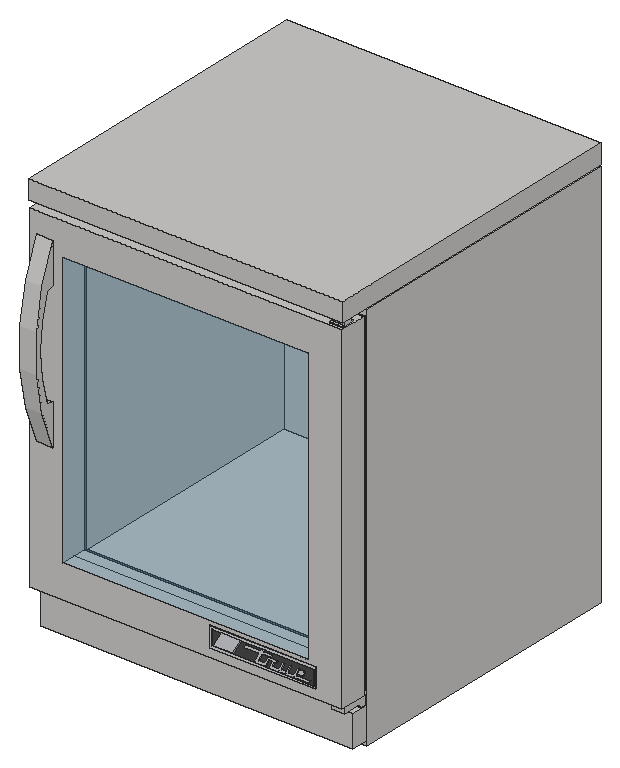
Revit family "QF_TRUE_TUC-24G-HC~FGD01_cat", category Specialty Equipment, Revit 2015
Parameters
  Weight in Pounds = 165
  Watts = Volts * FL Amps  # 230 W
  Volts = 115 V
  URL Cutsheet = "www.truemfg.com"
  URL = "www.truemfg.com"
  Type Mark [instance] = ""
  Status [instance] = ""
  Specification by User [instance] = ""
  Specification by Manufacturer = ""
  Show Logo [instance] = yes
  Show Clearance [instance] = yes
  Serial Number = ""
  Seismic Rating = ""
  SMACNA No = ""
  Revision Code [instance] = ""
  Phase = 1
  Omniclass Number and Title = ""
  Number of Poles [instance] = 1
  NAFEM Spec ID Number = ""
  Model = "TUC-24G-HC~FGD01"
  Min Ckt Ampacity = 0 A
  Max Overcurrent Protection = 0 A
  Masterspec = ""
  Manufacturer = "TRUE"
  Length = 24"
  Item Number [instance] = ""
  Installed By [instance] = ""
  Identify Quantity as Lot [instance] = yes
  Height = 31 13/16"
  HP = "1/6"
  Furnished By [instance] = ""
  Foodservice Equipment Identifier [instance] = yes
  FL Amps = 2 A
  Electrical Remarks = ""
  Electric Connection Type [instance] = ""
  Elec Conn RI Height [instance] = 0"
  Elec Conn Connection Height [instance] = 0"
  Description = "GLASS DOOR REFRIGERATOR WITH HYDROCARBON REFRIGERANT~FRAMED GLASS DOOR VERSION 01"
  Depth = 25 11/16"
  Cycle = 60 Hz
  Conn Plug = "NEMA 5-15P"
  Conn Conduit = yes
  CSI MasterFormat = ""
  CSI Master Format = ""
  Base Height = 25 11/16"
  Apparent Power = if(Phase = 3, Volts * FL Amps * 1.73, Volts * FL Amps)  # 230 VA
Reference planes (in)
  plane 1 "BACK": y = 0
  plane 2: z = 0
  plane 3 "LEFT": x = 0
  plane 4 "RIGHT": x = 24
  plane 5 "FRONT": y = -27.375
  plane 6 "TOP": z = 32.621
  plane 7 "Center Y": x = 12
  plane 8 "Center X": y = -13.6875
  plane 9: y = -48.40625
  plane 10: y = -1
  plane 11: y = -25.6875
  plane 12: z = 0.28125
  plane 13: z = 31.8125
Forms (in)
  Extrusion 1, solid, material "QF_Metal-Stainless-Polished Brushed"
    sketch origin (0, 0, 0) x (0, 1, 0) y (0, 0, 1)
      loop
        line (-1, 30.3125) -> (-1, 31.8125) -> (-25.6875, 31.8125) -> (-25.6875, 30.3125) -> (-1, 30.3125)
      loop
        line (-23.3125, 30.2185) -> (-23.3125, 0.28125) -> (-1, 0.28125) -> (-1, 30.2185) -> (-23.3125, 30.2185)
    from 0 to 24
  Extrusion 2, void
    sketch origin (0, 0, 0) x (1, 0, 0) y (0, 0, 1)
      loop
        line (22.6375, 29.35975) -> (1.3625, 29.35975) -> (1.3625, 5.14725) -> (22.6375, 5.14725) -> (22.6375, 29.35975)
    from 3 to 23.3125
  Extrusion 3, solid, material "QF_Metal-Stainless-Polished Brushed"
    sketch origin (0, 0, 0) x (0, 1, 0) y (0, 0, 1)
      loop
        line (-11.64993, 0.621) -> (-11.64993, 0.216) -> (-1.2329, 0.216) -> (-1.2329, 0.621) -> (-11.64993, 0.621)
    from 1.1125 to 22.8875
  Extrusion 4, solid, material "QF_Plastic-Black-Smooth"
    sketch origin (0.35937, 0, 0) x (0, 1, 0) y (0, 0, 1)
      loop
        line (-2.38861, 0.621) -> (-4.20219, 0.621)
        arc (-4.20219, 0.621) -> (-3.2954, -0.03266) -> (-2.38861, 0.621) r 0.9558
    from 1.67353 to 2.40616
  Extrusion 5, solid, material "QF_Plastic-Black-Smooth"
    sketch origin (23.64062, 0, -0.07109) x (0, 1, 0) y (0, 0, -1)
      loop
        arc (-2.36417, -0.69209) -> (-3.2954, 0.00001) -> (-4.22663, -0.69209) r 0.97254
        line (-4.22663, -0.69209) -> (-2.36417, -0.69209)
    from 1.67353 to 2.40616
  Revolve 6, solid, material "QF_Metal-Stainless-Polished Brushed"
    sketch origin (2.4375, -0.5625, 0) x (0, 1, 0) y (0, 0, 1)
      loop
        line (-21.68012, 0) -> (-21.68012, 0.591) -> (-22.13748, 0.591) -> (-22.13748, 0.5) -> (-21.91809, 0.5) -> (-21.91809, 0.3153) -> (-22.46202, 0.3153) -> (-22.46202, 0.0921)
        arc (-22.46202, 0.0921) -> (-22.43504, 0.02697) -> (-22.36992, 0) r 0.0921
        line (-22.36992, 0) -> (-21.68012, 0)
      axis (-21.68012, 0) -> (-21.68012, 0.591)
    angle from 0 to 360
  Revolve 7, solid, material "QF_Metal-Stainless-Polished Brushed"
    sketch origin (21.5625, -0.5625, 0) x (0, 1, 0) y (0, 0, -1)
      loop
        line (-21.68012, 0) -> (-22.36992, 0)
        arc (-22.36992, 0) -> (-22.43504, -0.02697) -> (-22.46202, -0.0921) r 0.0921
        line (-22.46202, -0.0921) -> (-22.46202, -0.3153) -> (-21.91809, -0.3153) -> (-21.91809, -0.5) -> (-22.13748, -0.5) -> (-22.13748, -0.591) -> (-21.68012, -0.591) -> (-21.68012, 0)
      axis (-21.68012, 0) -> (-21.68012, -0.591)
    angle from 0 to 360
  Extrusion 8, solid, material "QF_Door-Drawer Clearances", visible <- "Show Clearance", detail levels coarse
    sketch origin (0, 0, 0) x (1, 0, 0) y (0, 1, 0)
      loop
        arc (0.0585, -25.6875) -> (7.472, -41.79893) -> (23.9375, -48.38875) r 23.94162
        line (23.9375, -48.38875) -> (23.9375, -25.6875) -> (0.0585, -25.6875)
    from 3.84725 to 29.85125
  Extrusion 9, solid, material "QF_Metal-Stainless-Polished Brushed"
    sketch origin (0, -1, 0.55813) x (0, 0, 1) y (1, 0, 0)
      loop
        circle (1.77074, 21.01061) r 0.5
    from 0 to 0.0625
  Extrusion 10, solid, material "QF_Metal-Stainless-Polished Brushed"
    sketch origin (0, 0, 0) x (1, 0, 0) y (0, 0, 1)
      loop
        line (23.9375, 29.85125) -> (0.0625, 29.85125) -> (0.0625, 3.84725) -> (23.9375, 3.84725) -> (23.9375, 29.85125)
      loop
        line (21.4375, 27.35125) -> (2.5625, 27.35125) -> (2.5625, 6.34725) -> (21.4375, 6.34725) -> (21.4375, 27.35125)
    from 23.6095 to 25.6875
  Extrusion 11, solid, material "QF_Metal-Stainless-Polished Brushed"
    sketch origin (0, 0, -0.8085) x (0, 1, 0) y (0, 0, 1)
      loop
        arc (-25.21875, 4.55025) -> (-25.26294, 4.53194) -> (-25.28125, 4.48775) r 0.0625
        line (-25.28125, 4.48775) -> (-25.28125, 4.11275) -> (-23.9375, 4.11275)
        arc (-23.9375, 4.11275) -> (-23.80492, 4.05783) -> (-23.75, 3.92525) r 0.1875
        line (-23.75, 3.92525) -> (-23.75, 3.87296) -> (-23.3125, 3.87296) -> (-23.3125, 4.55025) -> (-24.625, 4.55025) -> (-24.625, 4.70575) -> (-25.17667, 4.70575) -> (-25.17667, 4.55025) -> (-25.21875, 4.55025)
      loop
        line (-25.4385, 30.65975) -> (-24.45412, 30.65975) -> (-24.45412, 30.74128) -> (-24.62419, 30.74128) -> (-24.62419, 31.016) -> (-25.25377, 31.016) -> (-25.25377, 30.71912) -> (-25.4385, 30.71912) -> (-25.4385, 30.65975)
    from 22.82527 to 23.8216
  Extrusion 12, solid, material "QF_Metal-Stainless-Polished Brushed"
    sketch origin (0, -24.60753, 3.06446) x (0, 0, -1) y (1, 0, 0)
      loop
        line (-0.56244, 22.59908) -> (-0.56244, 0.05635) -> (2.38736, 0.05635) -> (2.38736, 23.94365) -> (0, 23.94365) -> (0, 22.59908) -> (-0.56244, 22.59908)
    from -1.37303 to 0
  Extrusion 13, solid, material "QF_Metal-Stainless-Polished Brushed"
    sketch origin (-28.96042, -0.10487, 29.09725) x (0, 0, -1) y (0, 1, 0)
      loop
        arc (0.84913, -25.64513) -> (7.94747, -27.27013) -> (15.04581, -25.64513) r 16.31603
        line (15.04581, -25.64513) -> (11.92304, -25.64513) -> (11.76553, -26.23296)
        arc (11.76553, -26.23296) -> (7.94747, -26.84078) -> (4.12941, -26.23296) r 12.29572
        line (4.12941, -26.23296) -> (3.9719, -25.64513) -> (0.84913, -25.64513)
    from 29.5909 to 30.83542
  Revolve 14, solid, material "QF_Plastic-Black-Smooth"
    sketch origin (0, 0, 20.5) x (1, 0, 0) y (0, 1, 0)
      loop
        line (18.60979, -1) -> (19.10979, -1) -> (19.10979, -0.45325)
        arc (19.10979, -0.45325) -> (19.03142, -0.1845) -> (18.82089, 0) r 0.5
        line (18.82089, 0) -> (18.60979, 0) -> (18.60979, -1)
      axis (18.60979, -1) -> (18.60979, 0)
    angle from 0 to 360
  Revolve 15, solid, material "QF_Plastic-Black-Smooth"
    sketch origin (-13.21959, 0, 20.5) x (1, 0, 0) y (0, 1, 0)
      loop
        line (18.60979, -1) -> (19.10979, -1) -> (19.10979, -0.45325)
        arc (19.10979, -0.45325) -> (19.03142, -0.1845) -> (18.82089, 0) r 0.5
        line (18.82089, 0) -> (18.60979, 0) -> (18.60979, -1)
      axis (18.60979, -1) -> (18.60979, 0)
    angle from 0 to 360
  Extrusion 16, solid, material "Glass"
    sketch origin (0, 0, 0) x (1, 0, 0) y (0, 0, 1)
      loop
        line (21.4375, 27.35125) -> (2.5625, 27.35125) -> (2.5625, 6.34725) -> (21.4375, 6.34725) -> (21.4375, 27.35125)
    from 24.63768 to 25.6875
  Extrusion 17, solid, material "QF_Rubber - Black - Smooth"
    sketch origin (0, -23.3125, 31.027) x (0, 0, -1) y (1, 0, 0)
      loop
        line (1.30075, 23.8125) -> (1.30075, 0.1875) -> (27.05475, 0.1875) -> (27.05475, 23.8125) -> (1.30075, 23.8125)
      loop
        line (3.55075, 21.5625) -> (3.55075, 2.4375) -> (24.80475, 2.4375) -> (24.80475, 21.5625) -> (3.55075, 21.5625)
    from 0 to 0.297
Cuts and joins
  Extrusion 2 cuts Extrusion 1
Lines and regions (in)
  Split face 1
    outline origin (0, -24.60753, 3.06446) x (0, 0, -1) y (1, 0, 0)
      loop
        line (-0.36879, 2.37377) -> (-0.36879, 1.87377) -> (0.13121, 1.87377) -> (0.13121, 2.37377) -> (-0.36879, 2.37377)
  Split face 2
    outline origin (0, -24.60753, 2.37696) x (0, 0, -1) y (1, 0, 0)
      loop
        line (-0.36879, 2.37377) -> (-0.36879, 1.87377) -> (0.13121, 1.87377) -> (0.13121, 2.37377) -> (-0.36879, 2.37377)
  Split face 3
    outline origin (0, -24.60753, 1.68946) x (0, 0, -1) y (1, 0, 0)
      loop
        line (-0.36879, 2.37377) -> (-0.36879, 1.87377) -> (0.13121, 1.87377) -> (0.13121, 2.37377) -> (-0.36879, 2.37377)
  Split face 4
    outline origin (0, -24.60753, 1.00196) x (0, 0, -1) y (1, 0, 0)
      loop
        line (-0.36879, 2.37377) -> (-0.36879, 1.87377) -> (0.13121, 1.87377) -> (0.13121, 2.37377) -> (-0.36879, 2.37377)
  Split face 5
    outline origin (1.375, -24.60753, 3.06446) x (0, 0, -1) y (1, 0, 0)
      loop
        line (-0.36879, 2.37377) -> (-0.36879, 1.87377) -> (0.13121, 1.87377) -> (0.13121, 2.37377) -> (-0.36879, 2.37377)
  Split face 6
    outline origin (1.375, -24.60753, 2.37696) x (0, 0, -1) y (1, 0, 0)
      loop
        line (-0.36879, 2.37377) -> (-0.36879, 1.87377) -> (0.13121, 1.87377) -> (0.13121, 2.37377) -> (-0.36879, 2.37377)
  Split face 7
    outline origin (1.375, -24.60753, 1.68946) x (0, 0, -1) y (1, 0, 0)
      loop
        line (-0.36879, 2.37377) -> (-0.36879, 1.87377) -> (0.13121, 1.87377) -> (0.13121, 2.37377) -> (-0.36879, 2.37377)
  Split face 8
    outline origin (1.375, -24.60753, 1.00196) x (0, 0, -1) y (1, 0, 0)
      loop
        line (-0.36879, 2.37377) -> (-0.36879, 1.87377) -> (0.13121, 1.87377) -> (0.13121, 2.37377) -> (-0.36879, 2.37377)
  Split face 9
    outline origin (2.75, -24.60753, 3.06446) x (0, 0, -1) y (1, 0, 0)
      loop
        line (-0.36879, 2.37377) -> (-0.36879, 1.87377) -> (0.13121, 1.87377) -> (0.13121, 2.37377) -> (-0.36879, 2.37377)
  Split face 10
    outline origin (2.75, -24.60753, 2.37696) x (0, 0, -1) y (1, 0, 0)
      loop
        line (-0.36879, 2.37377) -> (-0.36879, 1.87377) -> (0.13121, 1.87377) -> (0.13121, 2.37377) -> (-0.36879, 2.37377)
  Split face 11
    outline origin (2.75, -24.60753, 1.68946) x (0, 0, -1) y (1, 0, 0)
      loop
        line (-0.36879, 2.37377) -> (-0.36879, 1.87377) -> (0.13121, 1.87377) -> (0.13121, 2.37377) -> (-0.36879, 2.37377)
  Split face 12
    outline origin (2.75, -24.60753, 1.00196) x (0, 0, -1) y (1, 0, 0)
      loop
        line (-0.36879, 2.37377) -> (-0.36879, 1.87377) -> (0.13121, 1.87377) -> (0.13121, 2.37377) -> (-0.36879, 2.37377)
  Split face 13
    outline origin (4.125, -24.60753, 3.06446) x (0, 0, -1) y (1, 0, 0)
      loop
        line (-0.36879, 2.37377) -> (-0.36879, 1.87377) -> (0.13121, 1.87377) -> (0.13121, 2.37377) -> (-0.36879, 2.37377)
  Split face 14
    outline origin (4.125, -24.60753, 2.37696) x (0, 0, -1) y (1, 0, 0)
      loop
        line (-0.36879, 2.37377) -> (-0.36879, 1.87377) -> (0.13121, 1.87377) -> (0.13121, 2.37377) -> (-0.36879, 2.37377)
  Split face 15
    outline origin (4.125, -24.60753, 1.68946) x (0, 0, -1) y (1, 0, 0)
      loop
        line (-0.36879, 2.37377) -> (-0.36879, 1.87377) -> (0.13121, 1.87377) -> (0.13121, 2.37377) -> (-0.36879, 2.37377)
  Split face 16
    outline origin (4.125, -24.60753, 1.00196) x (0, 0, -1) y (1, 0, 0)
      loop
        line (-0.36879, 2.37377) -> (-0.36879, 1.87377) -> (0.13121, 1.87377) -> (0.13121, 2.37377) -> (-0.36879, 2.37377)
  Split face 17
    outline origin (5.5, -24.60753, 3.06446) x (0, 0, -1) y (1, 0, 0)
      loop
        line (-0.36879, 2.37377) -> (-0.36879, 1.87377) -> (0.13121, 1.87377) -> (0.13121, 2.37377) -> (-0.36879, 2.37377)
  Split face 18
    outline origin (5.5, -24.60753, 2.37696) x (0, 0, -1) y (1, 0, 0)
      loop
        line (-0.36879, 2.37377) -> (-0.36879, 1.87377) -> (0.13121, 1.87377) -> (0.13121, 2.37377) -> (-0.36879, 2.37377)
  Split face 19
    outline origin (5.5, -24.60753, 1.68946) x (0, 0, -1) y (1, 0, 0)
      loop
        line (-0.36879, 2.37377) -> (-0.36879, 1.87377) -> (0.13121, 1.87377) -> (0.13121, 2.37377) -> (-0.36879, 2.37377)
  Split face 20
    outline origin (5.5, -24.60753, 1.00196) x (0, 0, -1) y (1, 0, 0)
      loop
        line (-0.36879, 2.37377) -> (-0.36879, 1.87377) -> (0.13121, 1.87377) -> (0.13121, 2.37377) -> (-0.36879, 2.37377)
  Split face 21
    outline origin (6.875, -24.60753, 3.06446) x (0, 0, -1) y (1, 0, 0)
      loop
        line (-0.36879, 2.37377) -> (-0.36879, 1.87377) -> (0.13121, 1.87377) -> (0.13121, 2.37377) -> (-0.36879, 2.37377)
  Split face 22
    outline origin (6.875, -24.60753, 2.37696) x (0, 0, -1) y (1, 0, 0)
      loop
        line (-0.36879, 2.37377) -> (-0.36879, 1.87377) -> (0.13121, 1.87377) -> (0.13121, 2.37377) -> (-0.36879, 2.37377)
  Split face 23
    outline origin (6.875, -24.60753, 1.68946) x (0, 0, -1) y (1, 0, 0)
      loop
        line (-0.36879, 2.37377) -> (-0.36879, 1.87377) -> (0.13121, 1.87377) -> (0.13121, 2.37377) -> (-0.36879, 2.37377)
  Split face 24
    outline origin (6.875, -24.60753, 1.00196) x (0, 0, -1) y (1, 0, 0)
      loop
        line (-0.36879, 2.37377) -> (-0.36879, 1.87377) -> (0.13121, 1.87377) -> (0.13121, 2.37377) -> (-0.36879, 2.37377)
  Split face 25
    outline origin (8.25, -24.60753, 3.06446) x (0, 0, -1) y (1, 0, 0)
      loop
        line (-0.36879, 2.37377) -> (-0.36879, 1.87377) -> (0.13121, 1.87377) -> (0.13121, 2.37377) -> (-0.36879, 2.37377)
  Split face 26
    outline origin (8.25, -24.60753, 2.37696) x (0, 0, -1) y (1, 0, 0)
      loop
        line (-0.36879, 2.37377) -> (-0.36879, 1.87377) -> (0.13121, 1.87377) -> (0.13121, 2.37377) -> (-0.36879, 2.37377)
  Split face 27
    outline origin (8.25, -24.60753, 1.68946) x (0, 0, -1) y (1, 0, 0)
      loop
        line (-0.36879, 2.37377) -> (-0.36879, 1.87377) -> (0.13121, 1.87377) -> (0.13121, 2.37377) -> (-0.36879, 2.37377)
  Split face 28
    outline origin (8.25, -24.60753, 1.00196) x (0, 0, -1) y (1, 0, 0)
      loop
        line (-0.36879, 2.37377) -> (-0.36879, 1.87377) -> (0.13121, 1.87377) -> (0.13121, 2.37377) -> (-0.36879, 2.37377)
  Split face 29
    outline origin (11.503, -24.60753, 3.06446) x (0, 0, -1) y (1, 0, 0)
      loop
        line (-0.36879, 2.37377) -> (-0.36879, 1.87377) -> (0.13121, 1.87377) -> (0.13121, 2.37377) -> (-0.36879, 2.37377)
  Split face 30
    outline origin (11.503, -24.60753, 2.37696) x (0, 0, -1) y (1, 0, 0)
      loop
        line (-0.36879, 2.37377) -> (-0.36879, 1.87377) -> (0.13121, 1.87377) -> (0.13121, 2.37377) -> (-0.36879, 2.37377)
  Split face 31
    outline origin (11.503, -24.60753, 1.68946) x (0, 0, -1) y (1, 0, 0)
      loop
        line (-0.36879, 2.37377) -> (-0.36879, 1.87377) -> (0.13121, 1.87377) -> (0.13121, 2.37377) -> (-0.36879, 2.37377)
  Split face 32
    outline origin (11.503, -24.60753, 1.00196) x (0, 0, -1) y (1, 0, 0)
      loop
        line (-0.36879, 2.37377) -> (-0.36879, 1.87377) -> (0.13121, 1.87377) -> (0.13121, 2.37377) -> (-0.36879, 2.37377)
  Split face 33
    outline origin (12.878, -24.60753, 3.06446) x (0, 0, -1) y (1, 0, 0)
      loop
        line (-0.36879, 2.37377) -> (-0.36879, 1.87377) -> (0.13121, 1.87377) -> (0.13121, 2.37377) -> (-0.36879, 2.37377)
  Split face 34
    outline origin (12.878, -24.60753, 2.37696) x (0, 0, -1) y (1, 0, 0)
      loop
        line (-0.36879, 2.37377) -> (-0.36879, 1.87377) -> (0.13121, 1.87377) -> (0.13121, 2.37377) -> (-0.36879, 2.37377)
  Split face 35
    outline origin (12.878, -24.60753, 1.68946) x (0, 0, -1) y (1, 0, 0)
      loop
        line (-0.36879, 2.37377) -> (-0.36879, 1.87377) -> (0.13121, 1.87377) -> (0.13121, 2.37377) -> (-0.36879, 2.37377)
  Split face 36
    outline origin (12.878, -24.60753, 1.00196) x (0, 0, -1) y (1, 0, 0)
      loop
        line (-0.36879, 2.37377) -> (-0.36879, 1.87377) -> (0.13121, 1.87377) -> (0.13121, 2.37377) -> (-0.36879, 2.37377)
  Split face 37
    outline origin (14.253, -24.60753, 3.06446) x (0, 0, -1) y (1, 0, 0)
      loop
        line (-0.36879, 2.37377) -> (-0.36879, 1.87377) -> (0.13121, 1.87377) -> (0.13121, 2.37377) -> (-0.36879, 2.37377)
  Split face 38
    outline origin (14.253, -24.60753, 2.37696) x (0, 0, -1) y (1, 0, 0)
      loop
        line (-0.36879, 2.37377) -> (-0.36879, 1.87377) -> (0.13121, 1.87377) -> (0.13121, 2.37377) -> (-0.36879, 2.37377)
  Split face 39
    outline origin (14.253, -24.60753, 1.68946) x (0, 0, -1) y (1, 0, 0)
      loop
        line (-0.36879, 2.37377) -> (-0.36879, 1.87377) -> (0.13121, 1.87377) -> (0.13121, 2.37377) -> (-0.36879, 2.37377)
  Split face 40
    outline origin (14.253, -24.60753, 1.00196) x (0, 0, -1) y (1, 0, 0)
      loop
        line (-0.36879, 2.37377) -> (-0.36879, 1.87377) -> (0.13121, 1.87377) -> (0.13121, 2.37377) -> (-0.36879, 2.37377)
  Split face 41
    outline origin (15.628, -24.60753, 3.06446) x (0, 0, -1) y (1, 0, 0)
      loop
        line (-0.36879, 2.37377) -> (-0.36879, 1.87377) -> (0.13121, 1.87377) -> (0.13121, 2.37377) -> (-0.36879, 2.37377)
  Split face 42
    outline origin (15.628, -24.60753, 2.37696) x (0, 0, -1) y (1, 0, 0)
      loop
        line (-0.36879, 2.37377) -> (-0.36879, 1.87377) -> (0.13121, 1.87377) -> (0.13121, 2.37377) -> (-0.36879, 2.37377)
  Split face 43
    outline origin (15.628, -24.60753, 1.68946) x (0, 0, -1) y (1, 0, 0)
      loop
        line (-0.36879, 2.37377) -> (-0.36879, 1.87377) -> (0.13121, 1.87377) -> (0.13121, 2.37377) -> (-0.36879, 2.37377)
  Split face 44
    outline origin (15.628, -24.60753, 1.00196) x (0, 0, -1) y (1, 0, 0)
      loop
        line (-0.36879, 2.37377) -> (-0.36879, 1.87377) -> (0.13121, 1.87377) -> (0.13121, 2.37377) -> (-0.36879, 2.37377)
  Split face 45
    outline origin (17.003, -24.60753, 3.06446) x (0, 0, -1) y (1, 0, 0)
      loop
        line (-0.36879, 2.37377) -> (-0.36879, 1.87377) -> (0.13121, 1.87377) -> (0.13121, 2.37377) -> (-0.36879, 2.37377)
  Split face 46
    outline origin (17.003, -24.60753, 2.37696) x (0, 0, -1) y (1, 0, 0)
      loop
        line (-0.36879, 2.37377) -> (-0.36879, 1.87377) -> (0.13121, 1.87377) -> (0.13121, 2.37377) -> (-0.36879, 2.37377)
  Split face 47
    outline origin (17.003, -24.60753, 1.68946) x (0, 0, -1) y (1, 0, 0)
      loop
        line (-0.36879, 2.37377) -> (-0.36879, 1.87377) -> (0.13121, 1.87377) -> (0.13121, 2.37377) -> (-0.36879, 2.37377)
  Split face 48
    outline origin (17.003, -24.60753, 1.00196) x (0, 0, -1) y (1, 0, 0)
      loop
        line (-0.36879, 2.37377) -> (-0.36879, 1.87377) -> (0.13121, 1.87377) -> (0.13121, 2.37377) -> (-0.36879, 2.37377)
  Split face 49
    outline origin (18.378, -24.60753, 3.06446) x (0, 0, -1) y (1, 0, 0)
      loop
        line (-0.36879, 2.37377) -> (-0.36879, 1.87377) -> (0.13121, 1.87377) -> (0.13121, 2.37377) -> (-0.36879, 2.37377)
  Split face 50
    outline origin (18.378, -24.60753, 2.37696) x (0, 0, -1) y (1, 0, 0)
      loop
        line (-0.36879, 2.37377) -> (-0.36879, 1.87377) -> (0.13121, 1.87377) -> (0.13121, 2.37377) -> (-0.36879, 2.37377)
  Split face 51
    outline origin (18.378, -24.60753, 1.68946) x (0, 0, -1) y (1, 0, 0)
      loop
        line (-0.36879, 2.37377) -> (-0.36879, 1.87377) -> (0.13121, 1.87377) -> (0.13121, 2.37377) -> (-0.36879, 2.37377)
  Split face 52
    outline origin (18.378, -24.60753, 1.00196) x (0, 0, -1) y (1, 0, 0)
      loop
        line (-0.36879, 2.37377) -> (-0.36879, 1.87377) -> (0.13121, 1.87377) -> (0.13121, 2.37377) -> (-0.36879, 2.37377)
  Split face 53
    outline origin (19.753, -24.60753, 3.06446) x (0, 0, -1) y (1, 0, 0)
      loop
        line (-0.36879, 2.37377) -> (-0.36879, 1.87377) -> (0.13121, 1.87377) -> (0.13121, 2.37377) -> (-0.36879, 2.37377)
  Split face 54
    outline origin (19.753, -24.60753, 2.37696) x (0, 0, -1) y (1, 0, 0)
      loop
        line (-0.36879, 2.37377) -> (-0.36879, 1.87377) -> (0.13121, 1.87377) -> (0.13121, 2.37377) -> (-0.36879, 2.37377)
  Split face 55
    outline origin (19.753, -24.60753, 1.68946) x (0, 0, -1) y (1, 0, 0)
      loop
        line (-0.36879, 2.37377) -> (-0.36879, 1.87377) -> (0.13121, 1.87377) -> (0.13121, 2.37377) -> (-0.36879, 2.37377)
  Split face 56
    outline origin (19.753, -24.60753, 1.00196) x (0, 0, -1) y (1, 0, 0)
      loop
        line (-0.36879, 2.37377) -> (-0.36879, 1.87377) -> (0.13121, 1.87377) -> (0.13121, 2.37377) -> (-0.36879, 2.37377)
  Split face 57
    outline origin (0.6875, -24.60753, 3.06446) x (0, 0, -1) y (1, 0, 0)
      loop
        line (-0.36879, 2.37377) -> (-0.36879, 1.87377) -> (0.13121, 1.87377) -> (0.13121, 2.37377) -> (-0.36879, 2.37377)
  Split face 58
    outline origin (0.6875, -24.60753, 2.37696) x (0, 0, -1) y (1, 0, 0)
      loop
        line (-0.36879, 2.37377) -> (-0.36879, 1.87377) -> (0.13121, 1.87377) -> (0.13121, 2.37377) -> (-0.36879, 2.37377)
  Split face 59
    outline origin (0.6875, -24.60753, 1.68946) x (0, 0, -1) y (1, 0, 0)
      loop
        line (-0.36879, 2.37377) -> (-0.36879, 1.87377) -> (0.13121, 1.87377) -> (0.13121, 2.37377) -> (-0.36879, 2.37377)
  Split face 60
    outline origin (0.6875, -24.60753, 1.00196) x (0, 0, -1) y (1, 0, 0)
      loop
        line (-0.36879, 2.37377) -> (-0.36879, 1.87377) -> (0.13121, 1.87377) -> (0.13121, 2.37377) -> (-0.36879, 2.37377)
  Split face 61
    outline origin (2.0625, -24.60753, 3.06446) x (0, 0, -1) y (1, 0, 0)
      loop
        line (-0.36879, 2.37377) -> (-0.36879, 1.87377) -> (0.13121, 1.87377) -> (0.13121, 2.37377) -> (-0.36879, 2.37377)
  Split face 62
    outline origin (2.0625, -24.60753, 2.37696) x (0, 0, -1) y (1, 0, 0)
      loop
        line (-0.36879, 2.37377) -> (-0.36879, 1.87377) -> (0.13121, 1.87377) -> (0.13121, 2.37377) -> (-0.36879, 2.37377)
  Split face 63
    outline origin (2.0625, -24.60753, 1.68946) x (0, 0, -1) y (1, 0, 0)
      loop
        line (-0.36879, 2.37377) -> (-0.36879, 1.87377) -> (0.13121, 1.87377) -> (0.13121, 2.37377) -> (-0.36879, 2.37377)
  Split face 64
    outline origin (2.0625, -24.60753, 1.00196) x (0, 0, -1) y (1, 0, 0)
      loop
        line (-0.36879, 2.37377) -> (-0.36879, 1.87377) -> (0.13121, 1.87377) -> (0.13121, 2.37377) -> (-0.36879, 2.37377)
  Split face 65
    outline origin (3.4375, -24.60753, 3.06446) x (0, 0, -1) y (1, 0, 0)
      loop
        line (-0.36879, 2.37377) -> (-0.36879, 1.87377) -> (0.13121, 1.87377) -> (0.13121, 2.37377) -> (-0.36879, 2.37377)
  Split face 66
    outline origin (3.4375, -24.60753, 2.37696) x (0, 0, -1) y (1, 0, 0)
      loop
        line (-0.36879, 2.37377) -> (-0.36879, 1.87377) -> (0.13121, 1.87377) -> (0.13121, 2.37377) -> (-0.36879, 2.37377)
  Split face 67
    outline origin (3.4375, -24.60753, 1.68946) x (0, 0, -1) y (1, 0, 0)
      loop
        line (-0.36879, 2.37377) -> (-0.36879, 1.87377) -> (0.13121, 1.87377) -> (0.13121, 2.37377) -> (-0.36879, 2.37377)
  Split face 68
    outline origin (3.4375, -24.60753, 1.00196) x (0, 0, -1) y (1, 0, 0)
      loop
        line (-0.36879, 2.37377) -> (-0.36879, 1.87377) -> (0.13121, 1.87377) -> (0.13121, 2.37377) -> (-0.36879, 2.37377)
  Split face 69
    outline origin (4.8125, -24.60753, 3.06446) x (0, 0, -1) y (1, 0, 0)
      loop
        line (-0.36879, 2.37377) -> (-0.36879, 1.87377) -> (0.13121, 1.87377) -> (0.13121, 2.37377) -> (-0.36879, 2.37377)
  Split face 70
    outline origin (4.8125, -24.60753, 2.37696) x (0, 0, -1) y (1, 0, 0)
      loop
        line (-0.36879, 2.37377) -> (-0.36879, 1.87377) -> (0.13121, 1.87377) -> (0.13121, 2.37377) -> (-0.36879, 2.37377)
  Split face 71
    outline origin (4.8125, -24.60753, 1.68946) x (0, 0, -1) y (1, 0, 0)
      loop
        line (-0.36879, 2.37377) -> (-0.36879, 1.87377) -> (0.13121, 1.87377) -> (0.13121, 2.37377) -> (-0.36879, 2.37377)
  Split face 72
    outline origin (4.8125, -24.60753, 1.00196) x (0, 0, -1) y (1, 0, 0)
      loop
        line (-0.36879, 2.37377) -> (-0.36879, 1.87377) -> (0.13121, 1.87377) -> (0.13121, 2.37377) -> (-0.36879, 2.37377)
  Split face 73
    outline origin (6.1875, -24.60753, 3.06446) x (0, 0, -1) y (1, 0, 0)
      loop
        line (-0.36879, 2.37377) -> (-0.36879, 1.87377) -> (0.13121, 1.87377) -> (0.13121, 2.37377) -> (-0.36879, 2.37377)
  Split face 74
    outline origin (6.1875, -24.60753, 2.37696) x (0, 0, -1) y (1, 0, 0)
      loop
        line (-0.36879, 2.37377) -> (-0.36879, 1.87377) -> (0.13121, 1.87377) -> (0.13121, 2.37377) -> (-0.36879, 2.37377)
  Split face 75
    outline origin (6.1875, -24.60753, 1.68946) x (0, 0, -1) y (1, 0, 0)
      loop
        line (-0.36879, 2.37377) -> (-0.36879, 1.87377) -> (0.13121, 1.87377) -> (0.13121, 2.37377) -> (-0.36879, 2.37377)
  Split face 76
    outline origin (6.1875, -24.60753, 1.00196) x (0, 0, -1) y (1, 0, 0)
      loop
        line (-0.36879, 2.37377) -> (-0.36879, 1.87377) -> (0.13121, 1.87377) -> (0.13121, 2.37377) -> (-0.36879, 2.37377)
  Split face 77
    outline origin (7.5625, -24.60753, 3.06446) x (0, 0, -1) y (1, 0, 0)
      loop
        line (-0.36879, 2.37377) -> (-0.36879, 1.87377) -> (0.13121, 1.87377) -> (0.13121, 2.37377) -> (-0.36879, 2.37377)
  Split face 78
    outline origin (7.5625, -24.60753, 2.37696) x (0, 0, -1) y (1, 0, 0)
      loop
        line (-0.36879, 2.37377) -> (-0.36879, 1.87377) -> (0.13121, 1.87377) -> (0.13121, 2.37377) -> (-0.36879, 2.37377)
  Split face 79
    outline origin (7.5625, -24.60753, 1.68946) x (0, 0, -1) y (1, 0, 0)
      loop
        line (-0.36879, 2.37377) -> (-0.36879, 1.87377) -> (0.13121, 1.87377) -> (0.13121, 2.37377) -> (-0.36879, 2.37377)
  Split face 80
    outline origin (7.5625, -24.60753, 1.00196) x (0, 0, -1) y (1, 0, 0)
      loop
        line (-0.36879, 2.37377) -> (-0.36879, 1.87377) -> (0.13121, 1.87377) -> (0.13121, 2.37377) -> (-0.36879, 2.37377)
  Split face 81
    outline origin (8.9375, -24.60753, 3.06446) x (0, 0, -1) y (1, 0, 0)
      loop
        line (-0.36879, 2.37377) -> (-0.36879, 1.87377) -> (0.13121, 1.87377) -> (0.13121, 2.37377) -> (-0.36879, 2.37377)
  Split face 82
    outline origin (8.9375, -24.60753, 2.37696) x (0, 0, -1) y (1, 0, 0)
      loop
        line (-0.36879, 2.37377) -> (-0.36879, 1.87377) -> (0.13121, 1.87377) -> (0.13121, 2.37377) -> (-0.36879, 2.37377)
  Split face 83
    outline origin (8.9375, -24.60753, 1.68946) x (0, 0, -1) y (1, 0, 0)
      loop
        line (-0.36879, 2.37377) -> (-0.36879, 1.87377) -> (0.13121, 1.87377) -> (0.13121, 2.37377) -> (-0.36879, 2.37377)
  Split face 84
    outline origin (8.9375, -24.60753, 1.00196) x (0, 0, -1) y (1, 0, 0)
      loop
        line (-0.36879, 2.37377) -> (-0.36879, 1.87377) -> (0.13121, 1.87377) -> (0.13121, 2.37377) -> (-0.36879, 2.37377)
  Split face 85
    outline origin (10.8155, -24.60753, 3.06446) x (0, 0, -1) y (1, 0, 0)
      loop
        line (-0.36879, 2.37377) -> (-0.36879, 1.87377) -> (0.13121, 1.87377) -> (0.13121, 2.37377) -> (-0.36879, 2.37377)
  Split face 86
    outline origin (10.8155, -24.60753, 2.37696) x (0, 0, -1) y (1, 0, 0)
      loop
        line (-0.36879, 2.37377) -> (-0.36879, 1.87377) -> (0.13121, 1.87377) -> (0.13121, 2.37377) -> (-0.36879, 2.37377)
  Split face 87
    outline origin (10.8155, -24.60753, 1.68946) x (0, 0, -1) y (1, 0, 0)
      loop
        line (-0.36879, 2.37377) -> (-0.36879, 1.87377) -> (0.13121, 1.87377) -> (0.13121, 2.37377) -> (-0.36879, 2.37377)
  Split face 88
    outline origin (10.8155, -24.60753, 1.00196) x (0, 0, -1) y (1, 0, 0)
      loop
        line (-0.36879, 2.37377) -> (-0.36879, 1.87377) -> (0.13121, 1.87377) -> (0.13121, 2.37377) -> (-0.36879, 2.37377)
  Split face 89
    outline origin (12.1905, -24.60753, 3.06446) x (0, 0, -1) y (1, 0, 0)
      loop
        line (-0.36879, 2.37377) -> (-0.36879, 1.87377) -> (0.13121, 1.87377) -> (0.13121, 2.37377) -> (-0.36879, 2.37377)
  Split face 90
    outline origin (12.1905, -24.60753, 2.37696) x (0, 0, -1) y (1, 0, 0)
      loop
        line (-0.36879, 2.37377) -> (-0.36879, 1.87377) -> (0.13121, 1.87377) -> (0.13121, 2.37377) -> (-0.36879, 2.37377)
  Split face 91
    outline origin (12.1905, -24.60753, 1.68946) x (0, 0, -1) y (1, 0, 0)
      loop
        line (-0.36879, 2.37377) -> (-0.36879, 1.87377) -> (0.13121, 1.87377) -> (0.13121, 2.37377) -> (-0.36879, 2.37377)
  Split face 92
    outline origin (12.1905, -24.60753, 1.00196) x (0, 0, -1) y (1, 0, 0)
      loop
        line (-0.36879, 2.37377) -> (-0.36879, 1.87377) -> (0.13121, 1.87377) -> (0.13121, 2.37377) -> (-0.36879, 2.37377)
  Split face 93
    outline origin (13.5655, -24.60753, 3.06446) x (0, 0, -1) y (1, 0, 0)
      loop
        line (-0.36879, 2.37377) -> (-0.36879, 1.87377) -> (0.13121, 1.87377) -> (0.13121, 2.37377) -> (-0.36879, 2.37377)
  Split face 94
    outline origin (13.5655, -24.60753, 2.37696) x (0, 0, -1) y (1, 0, 0)
      loop
        line (-0.36879, 2.37377) -> (-0.36879, 1.87377) -> (0.13121, 1.87377) -> (0.13121, 2.37377) -> (-0.36879, 2.37377)
  Split face 95
    outline origin (13.5655, -24.60753, 1.68946) x (0, 0, -1) y (1, 0, 0)
      loop
        line (-0.36879, 2.37377) -> (-0.36879, 1.87377) -> (0.13121, 1.87377) -> (0.13121, 2.37377) -> (-0.36879, 2.37377)
  Split face 96
    outline origin (13.5655, -24.60753, 1.00196) x (0, 0, -1) y (1, 0, 0)
      loop
        line (-0.36879, 2.37377) -> (-0.36879, 1.87377) -> (0.13121, 1.87377) -> (0.13121, 2.37377) -> (-0.36879, 2.37377)
  Split face 97
    outline origin (14.9405, -24.60753, 3.06446) x (0, 0, -1) y (1, 0, 0)
      loop
        line (-0.36879, 2.37377) -> (-0.36879, 1.87377) -> (0.13121, 1.87377) -> (0.13121, 2.37377) -> (-0.36879, 2.37377)
  Split face 98
    outline origin (14.9405, -24.60753, 2.37696) x (0, 0, -1) y (1, 0, 0)
      loop
        line (-0.36879, 2.37377) -> (-0.36879, 1.87377) -> (0.13121, 1.87377) -> (0.13121, 2.37377) -> (-0.36879, 2.37377)
  Split face 99
    outline origin (14.9405, -24.60753, 1.68946) x (0, 0, -1) y (1, 0, 0)
      loop
        line (-0.36879, 2.37377) -> (-0.36879, 1.87377) -> (0.13121, 1.87377) -> (0.13121, 2.37377) -> (-0.36879, 2.37377)
  Split face 100
    outline origin (14.9405, -24.60753, 1.00196) x (0, 0, -1) y (1, 0, 0)
      loop
        line (-0.36879, 2.37377) -> (-0.36879, 1.87377) -> (0.13121, 1.87377) -> (0.13121, 2.37377) -> (-0.36879, 2.37377)
  Split face 101
    outline origin (16.3155, -24.60753, 3.06446) x (0, 0, -1) y (1, 0, 0)
      loop
        line (-0.36879, 2.37377) -> (-0.36879, 1.87377) -> (0.13121, 1.87377) -> (0.13121, 2.37377) -> (-0.36879, 2.37377)
  Split face 102
    outline origin (16.3155, -24.60753, 2.37696) x (0, 0, -1) y (1, 0, 0)
      loop
        line (-0.36879, 2.37377) -> (-0.36879, 1.87377) -> (0.13121, 1.87377) -> (0.13121, 2.37377) -> (-0.36879, 2.37377)
  Split face 103
    outline origin (16.3155, -24.60753, 1.68946) x (0, 0, -1) y (1, 0, 0)
      loop
        line (-0.36879, 2.37377) -> (-0.36879, 1.87377) -> (0.13121, 1.87377) -> (0.13121, 2.37377) -> (-0.36879, 2.37377)
  Split face 104
    outline origin (16.3155, -24.60753, 1.00196) x (0, 0, -1) y (1, 0, 0)
      loop
        line (-0.36879, 2.37377) -> (-0.36879, 1.87377) -> (0.13121, 1.87377) -> (0.13121, 2.37377) -> (-0.36879, 2.37377)
  Split face 105
    outline origin (17.6905, -24.60753, 3.06446) x (0, 0, -1) y (1, 0, 0)
      loop
        line (-0.36879, 2.37377) -> (-0.36879, 1.87377) -> (0.13121, 1.87377) -> (0.13121, 2.37377) -> (-0.36879, 2.37377)
  Split face 106
    outline origin (17.6905, -24.60753, 2.37696) x (0, 0, -1) y (1, 0, 0)
      loop
        line (-0.36879, 2.37377) -> (-0.36879, 1.87377) -> (0.13121, 1.87377) -> (0.13121, 2.37377) -> (-0.36879, 2.37377)
  Split face 107
    outline origin (17.6905, -24.60753, 1.68946) x (0, 0, -1) y (1, 0, 0)
      loop
        line (-0.36879, 2.37377) -> (-0.36879, 1.87377) -> (0.13121, 1.87377) -> (0.13121, 2.37377) -> (-0.36879, 2.37377)
  Split face 108
    outline origin (17.6905, -24.60753, 1.00196) x (0, 0, -1) y (1, 0, 0)
      loop
        line (-0.36879, 2.37377) -> (-0.36879, 1.87377) -> (0.13121, 1.87377) -> (0.13121, 2.37377) -> (-0.36879, 2.37377)
  Split face 109
    outline origin (19.0655, -24.60753, 3.06446) x (0, 0, -1) y (1, 0, 0)
      loop
        line (-0.36879, 2.37377) -> (-0.36879, 1.87377) -> (0.13121, 1.87377) -> (0.13121, 2.37377) -> (-0.36879, 2.37377)
  Split face 110
    outline origin (19.0655, -24.60753, 2.37696) x (0, 0, -1) y (1, 0, 0)
      loop
        line (-0.36879, 2.37377) -> (-0.36879, 1.87377) -> (0.13121, 1.87377) -> (0.13121, 2.37377) -> (-0.36879, 2.37377)
  Split face 111
    outline origin (19.0655, -24.60753, 1.68946) x (0, 0, -1) y (1, 0, 0)
      loop
        line (-0.36879, 2.37377) -> (-0.36879, 1.87377) -> (0.13121, 1.87377) -> (0.13121, 2.37377) -> (-0.36879, 2.37377)
  Split face 112
    outline origin (19.0655, -24.60753, 1.00196) x (0, 0, -1) y (1, 0, 0)
      loop
        line (-0.36879, 2.37377) -> (-0.36879, 1.87377) -> (0.13121, 1.87377) -> (0.13121, 2.37377) -> (-0.36879, 2.37377)
  symbolic lines, style "SpecialityEquipment"
    curve 1: line (0, -1, 0) -> (24, -1, 0)
    curve 2: line (0, -25.6875, 0) -> (0, -1, 0)
    curve 3: line (24, -25.6875, 0) -> (0, -25.6875, 0)
    curve 4: line (24, -1, 0) -> (24, -25.6875, 0)
    curve 5: line (5.8902, -1, 0) -> (5.8902, -0.45315, 0)
    curve 6: arc (5.8902, -0.45315, 0) -> (5.81178, -0.18445, 0) -> (5.60122, 0, 0) r 0.49998
    curve 7: line (5.60122, 0, 0) -> (5.17922, 0, 0)
    curve 8: arc (5.17922, 0, 0) -> (4.96859, -0.18452, 0) -> (4.89018, -0.45335, 0) r 0.50005
    curve 9: line (4.89018, -0.45335, 0) -> (4.89018, -1, 0)
    curve 10: line (5.89021, -0.45325, 0) -> (4.89021, -0.45325, 0)
    curve 11: line (19.10979, -1, 0) -> (19.10979, -0.45325, 0)
    curve 12: arc (19.10979, -0.45325, 0) -> (19.03142, -0.1845, 0) -> (18.82089, 0, 0) r 0.5
    curve 13: line (18.82089, 0, 0) -> (18.39868, 0, 0)
    curve 14: arc (18.39868, 0, 0) -> (18.18815, -0.1845, 0) -> (18.10979, -0.45325, 0) r 0.5
    curve 15: line (18.10979, -0.45325, 0) -> (18.10979, -1, 0)
    curve 16: line (19.10979, -0.45325, 0) -> (18.10979, -0.45325, 0)
    curve 19: line (0.63048, -27.375, 0) -> (0.63048, -25.6875, 0)
    curve 20: line (0.63048, -27.375, 0) -> (1.875, -27.375, 0)
    curve 21: line (1.875, -27.375, 0) -> (1.875, -25.6875, 0)
  symbolic lines, style "QF_Door-Drawer Clearances"
    curve 17: line (4.17575, -37.68452, 0) -> (24.04099, -25.6875, 0)
    curve 18: arc (0.0585, -25.6875, 0) -> (1.30856, -31.9635, 0) -> (4.17575, -37.68452, 0) r 23.95201
Dimensions and locks (in)
  equal spacing: plane 3 "LEFT", plane 7 "Center Y", plane 4 "RIGHT"
  "Length": plane 3 "LEFT" to plane 4 "RIGHT"
  equal spacing: plane 5 "FRONT", plane 8 "Center X", plane 1 "BACK"
  plane 5 "FRONT" to plane 1 "BACK" = 27 3/8"
  plane 3 "LEFT" to plane 4 "RIGHT" = 24"
  "Height": plane 13 to level
  cut or joined group of Extrusion 1, Extrusion 2 to plane 1 "BACK" = 1"
  plane 1 "BACK" to plane 10 to plane 5 "FRONT" = 1", 26 3/8"
  "Depth": plane 1 "BACK" to plane 11
  plane 11 to plane 10 = 24 11/16"
  plane 11 to plane 1 "BACK" = 25 11/16"
  plane 9 to plane 1 "BACK" = 48 13/32"
  plane 13 to plane 12 to plane 2 = 31 17/32", 9/32"
  plane 13 to plane 12 to level = 31 17/32", 9/32"
  aligned and locked: level to plane 2
Automatic sketch dimensions
  Extrusion 1 sketch curve to plane 10 = 0"  (x2)
  Extrusion 1 sketch curve to plane 6 "TOP" = 2.4025"
  plane 3 "LEFT" to Extrusion 2 sketch curve = 1.3625"
  plane 4 "RIGHT" to Extrusion 2 sketch curve = 1.3625"
  level to Extrusion 2 sketch curve = 5.14725"
  Extrusion 2 sketch curve to plane 6 "TOP" = 3.26125"
  level to Extrusion 3 sketch curve = 0.216"
  plane 8 "Center X" to Extrusion 3 sketch curve = 2.03757"
  Extrusion 3 sketch curve to plane 10 = 0.2329"
  Extrusion 3 sketch curve to Extrusion 3 sketch curve = 0.405"
  level to Extrusion 4 sketch curve = 0.621"
  Extrusion 4 sketch curve to plane 10 = 3.20219"
  Extrusion 4 sketch curve to Extrusion 4 sketch curve = 0.90679"
  level to Extrusion 4 sketch curve = 0.92314"
  level to Extrusion 5 sketch curve = 0.621"
  Extrusion 5 sketch curve to plane 10 = 3.22663"
  Extrusion 5 sketch curve to Extrusion 5 sketch curve = 0.93123"
  level to Extrusion 5 sketch curve = 0.90145"
  Revolve 6 sketch curve to level = 0"
  level to Revolve 6 sketch curve = 0.3153"
  Revolve 6 sketch curve to Revolve 6 sketch curve = 0.0921"
  Revolve 6 sketch curve to Revolve 6 sketch curve = 0.32454"
  Revolve 6 sketch curve to Revolve 6 sketch curve = 0.2194"
  Revolve 6 sketch curve to Revolve 6 sketch curve = 0.23797"
  Revolve 6 sketch curve to Revolve 6 sketch curve = 0.1847"
  Revolve 6 sketch curve to Revolve 6 sketch curve = 0.091"
  Revolve 6 sketch curve to Revolve 6 sketch curve = 0"  (x2)
  Revolve 6 sketch curve to Revolve 6 sketch curve = 0.17168"
  Revolve 7 sketch curve to level = 0"
  level to Revolve 7 sketch curve = 0.3153"
  Revolve 7 sketch curve to Revolve 7 sketch curve = 0.0921"
  Revolve 7 sketch curve to Revolve 7 sketch curve = 0.32454"
  Revolve 7 sketch curve to Revolve 7 sketch curve = 0.2194"
  Revolve 7 sketch curve to Revolve 7 sketch curve = 0.23797"
  Revolve 7 sketch curve to Revolve 7 sketch curve = 0.1847"
  Revolve 7 sketch curve to Revolve 7 sketch curve = 0.091"
  Revolve 7 sketch curve to Revolve 7 sketch curve = 0"  (x2)
  Revolve 7 sketch curve to Revolve 7 sketch curve = 0.17168"
  plane 3 "LEFT" to Extrusion 8 sketch curve = 0.0585"
  plane 4 "RIGHT" to Extrusion 8 sketch curve = 1/16"
  plane 4 "RIGHT" to Extrusion 8 sketch curve = 0.03203"
  Extrusion 8 sketch curve to plane 9 = 0.0175"
  Extrusion 1 to Extrusion 9 sketch curve = 2.98939"
  plane 3 "LEFT" to Extrusion 10 sketch curve = 1/16"
  plane 3 "LEFT" to Extrusion 10 sketch curve = 2 9/16"
  plane 4 "RIGHT" to Extrusion 10 sketch curve = 2 9/16"
  plane 4 "RIGHT" to Extrusion 10 sketch curve = 1/16"
  level to Extrusion 10 sketch curve = 3.84725"
  Extrusion 10 sketch curve to Extrusion 10 sketch curve = 2 1/2"
  Extrusion 10 sketch curve to plane 6 "TOP" = 5.26975"
  Extrusion 10 sketch curve to plane 6 "TOP" = 2.76975"
  Extrusion 11 sketch curve to Extrusion 11 sketch curve = 0.18473"
  Extrusion 11 sketch curve to Extrusion 11 sketch curve = 1/16"
  Extrusion 11 sketch curve to Extrusion 11 sketch curve = 0.04208"
  Extrusion 11 sketch curve to Extrusion 11 sketch curve = 0.55167"
  Extrusion 11 sketch curve to Extrusion 11 sketch curve = 0.62959"
  Extrusion 11 sketch curve to Extrusion 11 sketch curve = 0.17006"
  Extrusion 11 sketch curve to Extrusion 11 sketch curve = 11/16"
  Extrusion 11 sketch curve to Extrusion 11 sketch curve = 3/16"
  Extrusion 11 sketch curve to Extrusion 11 sketch curve = 5/8"
  level to Extrusion 11 sketch curve = 3.06446"
  Extrusion 11 sketch curve to Extrusion 11 sketch curve = 0.05229"
  Extrusion 11 sketch curve to Extrusion 11 sketch curve = 3/8"
  Extrusion 11 sketch curve to Extrusion 11 sketch curve = 0.67729"
  Extrusion 11 sketch curve to Extrusion 11 sketch curve = 0.1555"
  Extrusion 11 sketch curve to plane 6 "TOP" = 2.76975"
  Extrusion 11 sketch curve to Extrusion 11 sketch curve = 0.05937"
  Extrusion 11 sketch curve to Extrusion 11 sketch curve = 0.08153"
  Extrusion 11 sketch curve to Extrusion 11 sketch curve = 19/64"
  plane 4 "RIGHT" to Extrusion 12 sketch curve = 1.40092"
  level to Extrusion 12 sketch curve = 3.6269"
  Extrusion 12 sketch curve to Extrusion 12 sketch curve = 0.56244"
  plane 3 "LEFT" to Extrusion 12 sketch curve = 0.05635"
  level to Extrusion 12 sketch curve = 0.6771"
  plane 4 "RIGHT" to Extrusion 12 sketch curve = 0.05635"
  Split face 1 sketch curve to Extrusion 12 = 0.19365"
  Split face 1 sketch curve to Extrusion 12 = 0.13121"
  Split face 1 sketch curve to Extrusion 12 = 1.81742"
  Split face 1 sketch curve to Split face 1 sketch curve = 1/2"
  Split face 2 sketch curve to Extrusion 12 = 0.31871"
  Split face 2 sketch curve to Split face 2 sketch curve = 1/2"  (x2)
  Split face 2 sketch curve to Extrusion 12 = 1.81742"
  Split face 3 sketch curve to Extrusion 12 = 1.00621"
  Split face 3 sketch curve to Split face 3 sketch curve = 1/2"  (x2)
  Split face 3 sketch curve to Extrusion 12 = 1.81742"
  Split face 4 sketch curve to Extrusion 12 = 0.69365"
  Split face 4 sketch curve to Extrusion 12 = 0.19365"
  Split face 4 sketch curve to Extrusion 12 = 1.81742"
  Split face 4 sketch curve to Split face 4 sketch curve = 1/2"
  Split face 5 sketch curve to Extrusion 12 = 0.19365"
  Split face 5 sketch curve to Extrusion 12 = 0.13121"
  Split face 5 sketch curve to Extrusion 12 = 3.19242"
  Split face 5 sketch curve to Split face 5 sketch curve = 1/2"
  Split face 6 sketch curve to Extrusion 12 = 0.31871"
  Split face 6 sketch curve to Split face 6 sketch curve = 1/2"  (x2)
  Split face 6 sketch curve to Extrusion 12 = 3.19242"
  Split face 7 sketch curve to Extrusion 12 = 1.00621"
  Split face 7 sketch curve to Split face 7 sketch curve = 1/2"  (x2)
  Split face 7 sketch curve to Extrusion 12 = 3.19242"
  Split face 8 sketch curve to Extrusion 12 = 0.69365"
  Split face 8 sketch curve to Extrusion 12 = 0.19365"
  Split face 8 sketch curve to Extrusion 12 = 3.19242"
  Split face 8 sketch curve to Split face 8 sketch curve = 1/2"
  Split face 9 sketch curve to Extrusion 12 = 0.19365"
  Split face 9 sketch curve to Extrusion 12 = 0.13121"
  Split face 9 sketch curve to Extrusion 12 = 4.56742"
  Split face 9 sketch curve to Split face 9 sketch curve = 1/2"
  Split face 10 sketch curve to Extrusion 12 = 0.31871"
  Split face 10 sketch curve to Split face 10 sketch curve = 1/2"  (x2)
  Split face 10 sketch curve to Extrusion 12 = 4.56742"
  Split face 11 sketch curve to Extrusion 12 = 1.00621"
  Split face 11 sketch curve to Split face 11 sketch curve = 1/2"  (x2)
  Split face 11 sketch curve to Extrusion 12 = 4.56742"
  Split face 12 sketch curve to Extrusion 12 = 0.69365"
  Split face 12 sketch curve to Extrusion 12 = 0.19365"
  Split face 12 sketch curve to Extrusion 12 = 4.56742"
  Split face 12 sketch curve to Split face 12 sketch curve = 1/2"
  Split face 13 sketch curve to Extrusion 12 = 0.19365"
  Split face 13 sketch curve to Extrusion 12 = 0.13121"
  Split face 13 sketch curve to Extrusion 12 = 5.94242"
  Split face 13 sketch curve to Split face 13 sketch curve = 1/2"
  Split face 14 sketch curve to Extrusion 12 = 0.31871"
  Split face 14 sketch curve to Split face 14 sketch curve = 1/2"  (x2)
  Split face 14 sketch curve to Extrusion 12 = 5.94242"
  Split face 15 sketch curve to Extrusion 12 = 1.00621"
  Split face 15 sketch curve to Split face 15 sketch curve = 1/2"  (x2)
  Split face 15 sketch curve to Extrusion 12 = 5.94242"
  Split face 16 sketch curve to Extrusion 12 = 0.69365"
  Split face 16 sketch curve to Extrusion 12 = 0.19365"
  Split face 16 sketch curve to Extrusion 12 = 5.94242"
  Split face 16 sketch curve to Split face 16 sketch curve = 1/2"
  Split face 17 sketch curve to Extrusion 12 = 0.19365"
  Split face 17 sketch curve to Extrusion 12 = 0.13121"
  Split face 17 sketch curve to Extrusion 12 = 7.31742"
  Split face 17 sketch curve to Split face 17 sketch curve = 1/2"
  Split face 18 sketch curve to Extrusion 12 = 0.31871"
  Split face 18 sketch curve to Split face 18 sketch curve = 1/2"  (x2)
  Split face 18 sketch curve to Extrusion 12 = 7.31742"
  Split face 19 sketch curve to Extrusion 12 = 1.00621"
  Split face 19 sketch curve to Split face 19 sketch curve = 1/2"  (x2)
  Split face 19 sketch curve to Extrusion 12 = 7.31742"
  Split face 20 sketch curve to Extrusion 12 = 0.69365"
  Split face 20 sketch curve to Extrusion 12 = 0.19365"
  Split face 20 sketch curve to Extrusion 12 = 7.31742"
  Split face 20 sketch curve to Split face 20 sketch curve = 1/2"
  Split face 21 sketch curve to Extrusion 12 = 0.19365"
  Split face 21 sketch curve to Extrusion 12 = 0.13121"
  Split face 21 sketch curve to Extrusion 12 = 8.69242"
  Split face 21 sketch curve to Split face 21 sketch curve = 1/2"
  Split face 22 sketch curve to Extrusion 12 = 0.31871"
  Split face 22 sketch curve to Split face 22 sketch curve = 1/2"  (x2)
  Split face 22 sketch curve to Extrusion 12 = 8.69242"
  Split face 23 sketch curve to Extrusion 12 = 1.00621"
  Split face 23 sketch curve to Split face 23 sketch curve = 1/2"  (x2)
  Split face 23 sketch curve to Extrusion 12 = 8.69242"
  Split face 24 sketch curve to Extrusion 12 = 0.69365"
  Split face 24 sketch curve to Extrusion 12 = 0.19365"
  Split face 24 sketch curve to Extrusion 12 = 8.69242"
  Split face 24 sketch curve to Split face 24 sketch curve = 1/2"
  Split face 25 sketch curve to Extrusion 12 = 0.19365"
  Split face 25 sketch curve to Extrusion 12 = 0.13121"
  Split face 25 sketch curve to Extrusion 12 = 10.06742"
  Split face 25 sketch curve to Split face 25 sketch curve = 1/2"
  Split face 26 sketch curve to Extrusion 12 = 0.31871"
  Split face 26 sketch curve to Split face 26 sketch curve = 1/2"  (x2)
  Split face 26 sketch curve to Extrusion 12 = 10.06742"
  Split face 27 sketch curve to Extrusion 12 = 1.00621"
  Split face 27 sketch curve to Split face 27 sketch curve = 1/2"  (x2)
  Split face 27 sketch curve to Extrusion 12 = 10.06742"
  Split face 28 sketch curve to Extrusion 12 = 0.69365"
  Split face 28 sketch curve to Extrusion 12 = 0.19365"
  Split face 28 sketch curve to Extrusion 12 = 10.06742"
  Split face 28 sketch curve to Split face 28 sketch curve = 1/2"
  Split face 29 sketch curve to Extrusion 12 = 0.19365"
  Split face 29 sketch curve to Extrusion 12 = 0.13121"
  Split face 29 sketch curve to Extrusion 12 = 9.22231"
  Split face 29 sketch curve to Split face 29 sketch curve = 1/2"
  Split face 30 sketch curve to Extrusion 12 = 0.31871"
  Split face 30 sketch curve to Split face 30 sketch curve = 1/2"  (x2)
  Split face 30 sketch curve to Extrusion 12 = 9.22231"
  Split face 31 sketch curve to Extrusion 12 = 1.00621"
  Split face 31 sketch curve to Split face 31 sketch curve = 1/2"  (x2)
  Split face 31 sketch curve to Extrusion 12 = 9.22231"
  Split face 32 sketch curve to Extrusion 12 = 0.69365"
  Split face 32 sketch curve to Extrusion 12 = 0.19365"
  Split face 32 sketch curve to Extrusion 12 = 9.22231"
  Split face 32 sketch curve to Split face 32 sketch curve = 1/2"
  Split face 33 sketch curve to Extrusion 12 = 0.19365"
  Split face 33 sketch curve to Extrusion 12 = 0.13121"
  Split face 33 sketch curve to Extrusion 12 = 7.84731"
  Split face 33 sketch curve to Split face 33 sketch curve = 1/2"
  Split face 34 sketch curve to Extrusion 12 = 0.31871"
  Split face 34 sketch curve to Split face 34 sketch curve = 1/2"  (x2)
  Split face 34 sketch curve to Extrusion 12 = 7.84731"
  Split face 35 sketch curve to Extrusion 12 = 1.00621"
  Split face 35 sketch curve to Split face 35 sketch curve = 1/2"  (x2)
  Split face 35 sketch curve to Extrusion 12 = 7.84731"
  Split face 36 sketch curve to Extrusion 12 = 0.69365"
  Split face 36 sketch curve to Extrusion 12 = 0.19365"
  Split face 36 sketch curve to Extrusion 12 = 7.84731"
  Split face 36 sketch curve to Split face 36 sketch curve = 1/2"
  Split face 37 sketch curve to Extrusion 12 = 0.19365"
  Split face 37 sketch curve to Extrusion 12 = 0.13121"
  Split face 37 sketch curve to Extrusion 12 = 6.47231"
  Split face 37 sketch curve to Split face 37 sketch curve = 1/2"
  Split face 38 sketch curve to Extrusion 12 = 0.31871"
  Split face 38 sketch curve to Split face 38 sketch curve = 1/2"  (x2)
  Split face 38 sketch curve to Extrusion 12 = 6.47231"
  Split face 39 sketch curve to Extrusion 12 = 1.00621"
  Split face 39 sketch curve to Split face 39 sketch curve = 1/2"  (x2)
  Split face 39 sketch curve to Extrusion 12 = 6.47231"
  Split face 40 sketch curve to Extrusion 12 = 0.69365"
  Split face 40 sketch curve to Extrusion 12 = 0.19365"
  Split face 40 sketch curve to Extrusion 12 = 6.47231"
  Split face 40 sketch curve to Split face 40 sketch curve = 1/2"
  Split face 41 sketch curve to Extrusion 12 = 0.19365"
  Split face 41 sketch curve to Extrusion 12 = 0.13121"
  Split face 41 sketch curve to Extrusion 12 = 5.09731"
  Split face 41 sketch curve to Split face 41 sketch curve = 1/2"
  Split face 42 sketch curve to Extrusion 12 = 0.31871"
  Split face 42 sketch curve to Split face 42 sketch curve = 1/2"  (x2)
  Split face 42 sketch curve to Extrusion 12 = 5.09731"
  Split face 43 sketch curve to Extrusion 12 = 1.00621"
  Split face 43 sketch curve to Split face 43 sketch curve = 1/2"  (x2)
  Split face 43 sketch curve to Extrusion 12 = 5.09731"
  Split face 44 sketch curve to Extrusion 12 = 0.69365"
  Split face 44 sketch curve to Extrusion 12 = 0.19365"
  Split face 44 sketch curve to Extrusion 12 = 5.09731"
  Split face 44 sketch curve to Split face 44 sketch curve = 1/2"
  Split face 45 sketch curve to Extrusion 12 = 0.19365"
  Split face 45 sketch curve to Extrusion 12 = 0.13121"
  Split face 45 sketch curve to Extrusion 12 = 3.72231"
  Split face 45 sketch curve to Split face 45 sketch curve = 1/2"
  Split face 46 sketch curve to Extrusion 12 = 0.31871"
  Split face 46 sketch curve to Split face 46 sketch curve = 1/2"  (x2)
  Split face 46 sketch curve to Extrusion 12 = 3.72231"
  Split face 47 sketch curve to Extrusion 12 = 1.00621"
  Split face 47 sketch curve to Split face 47 sketch curve = 1/2"  (x2)
  Split face 47 sketch curve to Extrusion 12 = 3.72231"
  Split face 48 sketch curve to Extrusion 12 = 0.69365"
  Split face 48 sketch curve to Extrusion 12 = 0.19365"
  Split face 48 sketch curve to Extrusion 12 = 3.72231"
  Split face 48 sketch curve to Split face 48 sketch curve = 1/2"
  Split face 49 sketch curve to Extrusion 12 = 0.19365"
  Split face 49 sketch curve to Extrusion 12 = 0.13121"
  Split face 49 sketch curve to Extrusion 12 = 2.34731"
  Split face 49 sketch curve to Split face 49 sketch curve = 1/2"
  Split face 50 sketch curve to Extrusion 12 = 0.31871"
  Split face 50 sketch curve to Split face 50 sketch curve = 1/2"  (x2)
  Split face 50 sketch curve to Extrusion 12 = 2.34731"
  Split face 51 sketch curve to Extrusion 12 = 1.00621"
  Split face 51 sketch curve to Split face 51 sketch curve = 1/2"  (x2)
  Split face 51 sketch curve to Extrusion 12 = 2.34731"
  Split face 52 sketch curve to Extrusion 12 = 0.69365"
  Split face 52 sketch curve to Extrusion 12 = 0.19365"
  Split face 52 sketch curve to Extrusion 12 = 2.34731"
  Split face 52 sketch curve to Split face 52 sketch curve = 1/2"
  Split face 53 sketch curve to Extrusion 12 = 0.19365"
  Split face 53 sketch curve to Extrusion 12 = 0.13121"
  Split face 53 sketch curve to Extrusion 12 = 0.97231"
  Split face 53 sketch curve to Extrusion 12 = 0.47231"
  Split face 54 sketch curve to Extrusion 12 = 0.31871"
  Split face 54 sketch curve to Split face 54 sketch curve = 1/2"
  Split face 54 sketch curve to Extrusion 12 = 0.97231"
  Split face 54 sketch curve to Extrusion 12 = 0.47231"
  Split face 55 sketch curve to Extrusion 12 = 1.00621"
  Split face 55 sketch curve to Split face 55 sketch curve = 1/2"
  Split face 55 sketch curve to Extrusion 12 = 0.97231"
  Split face 55 sketch curve to Extrusion 12 = 0.47231"
  Split face 56 sketch curve to Extrusion 12 = 0.69365"
  Split face 56 sketch curve to Extrusion 12 = 0.19365"
  Split face 56 sketch curve to Extrusion 12 = 0.97231"
  Split face 56 sketch curve to Extrusion 12 = 0.47231"
  Split face 57 sketch curve to Extrusion 12 = 0.19365"
  Split face 57 sketch curve to Extrusion 12 = 0.13121"
  Split face 57 sketch curve to Extrusion 12 = 2.50492"
  Split face 57 sketch curve to Split face 57 sketch curve = 1/2"
  Split face 58 sketch curve to Extrusion 12 = 0.31871"
  Split face 58 sketch curve to Split face 58 sketch curve = 1/2"  (x2)
  Split face 58 sketch curve to Extrusion 12 = 2.50492"
  Split face 59 sketch curve to Extrusion 12 = 1.00621"
  Split face 59 sketch curve to Split face 59 sketch curve = 1/2"  (x2)
  Split face 59 sketch curve to Extrusion 12 = 2.50492"
  Split face 60 sketch curve to Extrusion 12 = 0.69365"
  Split face 60 sketch curve to Extrusion 12 = 0.19365"
  Split face 60 sketch curve to Extrusion 12 = 2.50492"
  Split face 60 sketch curve to Split face 60 sketch curve = 1/2"
  Split face 61 sketch curve to Extrusion 12 = 0.19365"
  Split face 61 sketch curve to Extrusion 12 = 0.13121"
  Split face 61 sketch curve to Extrusion 12 = 3.87992"
  Split face 61 sketch curve to Split face 61 sketch curve = 1/2"
  Split face 62 sketch curve to Extrusion 12 = 0.31871"
  Split face 62 sketch curve to Split face 62 sketch curve = 1/2"  (x2)
  Split face 62 sketch curve to Extrusion 12 = 3.87992"
  Split face 63 sketch curve to Extrusion 12 = 1.00621"
  Split face 63 sketch curve to Split face 63 sketch curve = 1/2"  (x2)
  Split face 63 sketch curve to Extrusion 12 = 3.87992"
  Split face 64 sketch curve to Extrusion 12 = 0.69365"
  Split face 64 sketch curve to Extrusion 12 = 0.19365"
  Split face 64 sketch curve to Extrusion 12 = 3.87992"
  Split face 64 sketch curve to Split face 64 sketch curve = 1/2"
  Split face 65 sketch curve to Extrusion 12 = 0.19365"
  Split face 65 sketch curve to Extrusion 12 = 0.13121"
  Split face 65 sketch curve to Extrusion 12 = 5.25492"
  Split face 65 sketch curve to Split face 65 sketch curve = 1/2"
  Split face 66 sketch curve to Extrusion 12 = 0.31871"
  Split face 66 sketch curve to Split face 66 sketch curve = 1/2"  (x2)
  Split face 66 sketch curve to Extrusion 12 = 5.25492"
  Split face 67 sketch curve to Extrusion 12 = 1.00621"
  Split face 67 sketch curve to Split face 67 sketch curve = 1/2"  (x2)
  Split face 67 sketch curve to Extrusion 12 = 5.25492"
  Split face 68 sketch curve to Extrusion 12 = 0.69365"
  Split face 68 sketch curve to Extrusion 12 = 0.19365"
  Split face 68 sketch curve to Extrusion 12 = 5.25492"
  Split face 68 sketch curve to Split face 68 sketch curve = 1/2"
